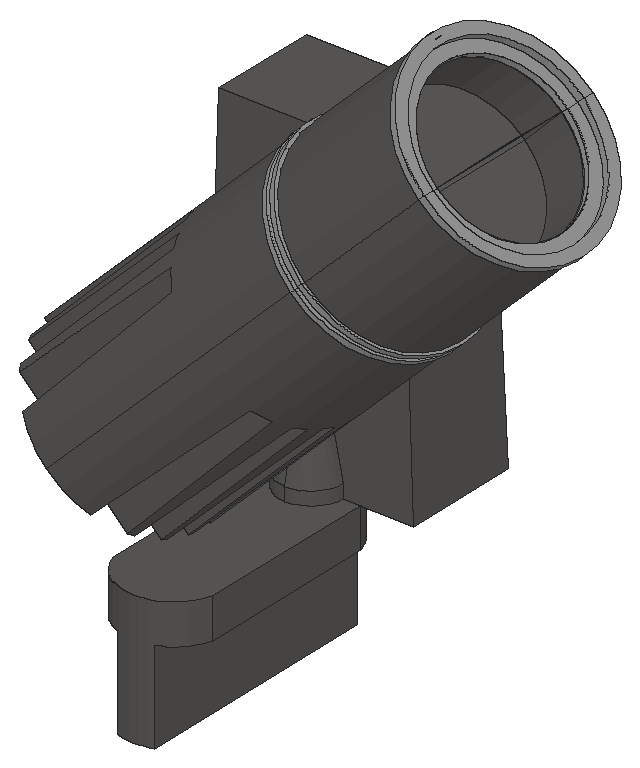
Revit family "2055959", category Lighting Fixtures, host Face, Revit 2016
Family settings
  Host = Face
  Part Type = Normal
  Round Connector Dimension = Use Diameter
  OmniClass Number = 23.80.70.00
  OmniClass Title = Lighting
  Cut with Voids When Loaded = No
  Light Source = No
  Shared = No
  Room Calculation Point = No
Parameters (values of type "2055959 BCON PRJ FRAM O/B L3 4K BLK")
  Weight = "1.365 kg"
  Wattage Comments = ""
  WarrantyStartDate [instance] = "n/a"
  WarrantyGuarantorParts = "n/a"
  WarrantyDurationUnit = "n/a"
  WarrantyDurationParts = "n/a"
  WarrantyDescription = "n/a"
  Voltage = 230 V
  URL = "http://www.sylvania-lighting.com"
  TypeName = "BCON PRJ FRAM O/B L3 4K BLK"
  TypeHead_SYL = Beacon LED Projector Framing Head : 2055959 BCON PRJ FRAM O/B L3 4K BLK
  Type Image = <None>
  Type Comments = "n/a"
  Track_SYL = yes
  Surface_SYL = not(Track_SYL)  # no
  SerialNumber [instance] = "n/a"
  Material_3_SYL = none
  PowerFactor = 0.95
  PowerConsumption = "35 W"
  NominalLength = 0 mm
  NominalHeight = 215 mm
  NominalDepth = 185 mm
  Name = "BCON PRJ FRAM O/B L3 4K BLK"
  ModelReference = Name  # "BCON PRJ FRAM O/B L3 4K BLK"
  ModelNumber = "2055959"
  Model = Name  # "BCON PRJ FRAM O/B L3 4K BLK"
  Material = "aluminium housing"
  ManufacturerName = "Feilo Sylvania"
  Manufacturer = "Feilo Sylvania"
  LuminousEfficacy = "14 lm/W"
  LuminaireType = ""
  LightOutputRatio = "100"
  LampsType = Lamp  # "LED"
  LampNominalLuminous = "474 lm"
  LampMacAdamStep = "3"
  LampColourTemperature = "4000 K"
  LampColourRenderingIndex = "97"
  Lamp = "LED"
  Keynote = "16500"
  InstallationDate [instance] = "n/a"
  InputVoltage = "AC 230 V"
  InputNominalFrequency = "50/60 Hz"
  IngressProtection = "IP20"
  ImpactProtectionIndex = "IK02"
  IfcExportType = "IfcLightFixtureType"
  IfcExportAs = "IfcLightFixtureType"
  HorizontalRotation_SYL [instance] = 0.00°
  EndAngle_SYL [instance] = HorizontalRotation_SYL + 180.00°  # 180.00°
  ElectricShockClassification = "Class II"
  DocumentationLiterature = "http://www.sylvania-lighting.com/product/en-int/products/2055959"
  DimmingControlOptions = "n/a"
  Material_2_SYL = Body-Sylvania-Black
  Description = "Beacon Projector offers precision light exactly where it is needed. The Framing Projector has four adjustable arms allowing the beam to be framed to the desired size shape (square/rectangle or irregular 4 sided shapes).High colour rendering CRI 97 typical. IR/UV free light source without heat radiation. LED technology provides an energy efficient solution with reduced maintenance costs."
  Default Elevation = 1219.2 mm
  CreatedOn = "3/14/2019"
  CreatedBy = "@sylvania-lighting.com"
  Cost = 0
  built-in parameter 1114216 [instance] = (empty or 0)
  ClassificationValue = "EF_70_80"
  ClassificationName = "Uniclass2015"
  Material_1_SYL = Body-Sylvania-Black
  BarCode [instance] = "n/a"
  AssetType = "Fixed"
  AssetIdentifier [instance] = "n/a"
  Assembly Code = "D5020200"
  Apparent Load = 35 VA
  Material_4_SYL = none
Reference planes
  plane 1 "Center (Front/Back)": y = 0
  plane 2: z = 0
  plane 3 "Center (Left/Right)": x = 0
  plane 4: x = 7
  plane 5: x = -7
  plane 6: z = -34.5
  plane 7: z = 15
  plane 8: x = 18.5
  plane 9: x = -18.5
  plane 10: y = 48.5
  plane 11: y = -48.5
  plane 12: y = 34.5
  plane 13: y = -34.5
  plane 14: y = 77
  plane 15: y = -8
  plane 16: x = 42.5
  plane 17: x = -42.5
Forms (mm)
  Extrusion 1, solid, material "Body-Sylvania-Black" <- "Material_1_SYL", visible <- "Track_SYL"
    sketch origin (0, 0, 0) x (1, 0, 0) y (0, 0, 1)
      loop
        line (-18.5, 15) -> (-18.5, 0) -> (-7, 0) -> (-7, -34.5) -> (7, -34.5) -> (7, 0) -> (18.5, 0) -> (18.5, 15) -> (-18.5, 15)
    from -48.5 to 48.5
  Extrusion 2, void
    sketch origin (0, 0, 0) x (1, 0, 0) y (0, 1, 0)
      loop
        arc (-18.5, 34.5) -> (0, 48.5) -> (18.5, 34.5) r 19.223
        line (18.5, 34.5) -> (21.5, 34.5) -> (21.5, 54.5) -> (-23.5, 54.5) -> (-23.5, 34.5) -> (-18.5, 34.5)
      loop
        line (-18.5, -34.5) -> (-23.5, -34.5) -> (-23.5, -54.5) -> (21.5, -54.5) -> (21.5, -34.5) -> (18.5, -34.5)
        arc (18.5, -34.5) -> (0, -48.5) -> (-18.5, -34.5) r 19.223
    from -34.5 to 15
  Revolve 3, solid, not visible
    sketch origin (0, 0, 0) x (0, 1, 0) y (0, 0, 1)
      loop
        line (34.5, 15) -> (48.5, 15) -> (48.5, 39.844) -> (34.5, 39.844) -> (34.5, 15)
      axis (34.5, 15) -> (34.5, 39.844)
    angle from 0 <- "HorizontalRotation_SYL" to 180 <- "EndAngle_SYL"
  Extrusion 4, solid, material "Body-Sylvania-Black" <- "Material_1_SYL", visible <- "Surface_SYL"
    sketch origin (0, 0, 0) x (1, 0, 0) y (0, 1, 0)
      loop
        arc (39.5, -8) -> (41.621, -7.121) -> (42.5, -5) r 3
        line (42.5, -5) -> (42.5, 74)
        arc (42.5, 74) -> (41.621, 76.121) -> (39.5, 77) r 3
        line (39.5, 77) -> (-39.5, 77)
        arc (-39.5, 77) -> (-41.621, 76.121) -> (-42.5, 74) r 3
        line (-42.5, 74) -> (-42.5, -5)
        arc (-42.5, -5) -> (-41.621, -7.121) -> (-39.5, -8) r 3
        line (-39.5, -8) -> (39.5, -8)
    from 0 to 15
Cuts and joins
  Extrusion 2 cuts Extrusion 1
Dimensions and locks
  plane 8 to plane 4 to plane 3 "Center (Left/Right)" to plane 5 to plane 9 = 11.5 mm locked, 7 mm locked, 7 mm locked, 11.5 mm locked
  plane 7 to level to plane 6 = 15 mm locked, 34.5 mm locked
  plane 11 to plane 1 "Center (Front/Back)" to plane 10 = 48.5 mm locked, 48.5 mm locked
  plane 13 to plane 1 "Center (Front/Back)" to plane 12 = 34.5 mm locked, 34.5 mm locked
  plane 15 to plane 12 to plane 14 = 42.5 mm locked, 42.5 mm locked
  plane 16 to plane 3 "Center (Left/Right)" to plane 17 = 42.5 mm locked, 42.5 mm locked
  aligned and locked: plane 2 to host face
  aligned and locked: level to host face
  aligned and locked: plane 7 to Extrusion 1 sketch curve
  aligned and locked: level to Extrusion 1 sketch curve
  aligned and locked: Extrusion 1 sketch curve to plane 8
  aligned and locked: Extrusion 1 sketch curve to plane 6
  aligned and locked: Extrusion 1 sketch curve to plane 4
  aligned and locked: plane 5 to Extrusion 1 sketch curve
  aligned and locked: Extrusion 1 sketch curve to level
  aligned and locked: Extrusion 1 to plane 10
  aligned and locked: plane 11 to Extrusion 1
  aligned and locked: plane 12 to Extrusion 2 sketch curve  (x2)
  aligned and locked: plane 8 to Extrusion 2 sketch curve
  aligned and locked: plane 9 to Extrusion 2 sketch curve
  aligned and locked: plane 13 to Extrusion 2 sketch curve  (x3)
  aligned and locked: Extrusion 2 sketch curve to Extrusion 2 sketch curve  (x2)
  aligned and locked: plane 6 to Extrusion 2
  aligned and locked: Extrusion 2 to plane 7
  aligned and locked: Revolve 3 sketch curve to plane 12
  aligned and locked: Revolve 3 sketch curve to cut or joined group of Extrusion 1, Extrusion 2  (x2)
  aligned and locked: Revolve 3 sketch curve to plane 10
  aligned and locked: Extrusion 4 sketch curve to plane 15
  aligned and locked: Extrusion 4 sketch curve to plane 16
  aligned and locked: plane 14 to Extrusion 4 sketch curve
  aligned and locked: plane 17 to Extrusion 4 sketch curve
  aligned and locked: Extrusion 4 to plane 7
  aligned and locked: Extrusion 4 to level
  aligned and locked: nested 2 to plane 12
Nested families
  nested 1: "Beacon LED Projector Framing Gearbox" at (0, 34.5, 15) x (0, 1, 0) z (1, 0, 0), type "Type Name"
    with VerticalRotation_SYL -45.00°, EndAngle_SYL 135.00°
  nested 2: "Beacon LED Projector Framing Head" at (0, -10.5, 78) x (0, 1, 0) z (0.7071, 0, 0.7071), type <- "TypeHead_SYL", type "2055959 BCON PRJ FRAM O/B L3 4K BLK"
    with built-in parameter 1114216 (empty or 0)
Connectors
  electrical at (0, 34.5, 0), driven by "Voltage", driven by "Apparent Load", driven by "PowerFactor"
    settings: on Extrusion 4, index 1, voltage 230 V, apparent load 35 VA, apparent load phase1 0 VA, apparent load phase2 0 VA, apparent load phase3 0 VA, power factor 0.95, load classification "Other", number of poles 1, system type 30, power factor state 1, is connector primary yes, connector utility no, sub classification motor no, connector description ""
Definition of nested family "Beacon LED Projector Framing Gearbox"
  Parameters (values of type "Type Name")
    VerticalRotation_SYL [instance] = 0.00°
    URL = "http://www.sylvania-lighting.com"
    Type Image = (empty or 0)
    Type Comments = "n/a"
    Material_3_SYL = none
    Model = ""
    Manufacturer = "Feilo Sylvania"
    Keynote = ""
    Material_2_SYL = none
    EndAngle_SYL [instance] = VerticalRotation_SYL + 180.00°  # 180.00°
    Description = ""
    Default Elevation = 1219.2 mm
    Cost = 0
    Material_1_SYL = none
    Assembly Code = ""
    Material_4_SYL = none
  Reference planes
    plane 1 "Center (Front/Back)": y = 0
    plane 2: z = 0
    plane 3 "Center (Left/Right)": x = 0
    plane 4: y = 5
    plane 5: y = 63
    plane 6: y = 47
    plane 7: y = 121
    plane 8: x = -3
    plane 9: x = -12
    plane 10: x = 41
    plane 11: x = 44
    plane 12: z = 38.5
    plane 13: z = -38.5
    plane 14: z = 34.5
    plane 15: z = -34.5
  Forms (mm)
    Extrusion 1, solid
      sketch origin (4.2, 0, 0) x (1, 0, 0) y (0, 1, 0)
        loop
          line (-1219.2, 1219.2) -> (-1219.2, -1219.2) -> (1219.2, -1219.2) -> (1219.2, 1219.2) -> (-1219.2, 1219.2)
      from 0 to -68.017
    Revolve 2, solid, material <- "Material_1_SYL"
      sketch origin (0, 0, 0) x (1, 0, 0) y (0, 1, 0)
        loop
          line (0, 0) -> (0, 47) -> (-3, 47) -> (-12, 5) -> (-12, 0) -> (0, 0)
        axis (0, 47) -> (0, 0)
      angle from 360 to 0
    Blend 3, solid, material <- "Material_1_SYL"
      base sketch origin (0, 0, 0) x (1, 0, 0) y (0, 0, 1)
        loop
          line (0, -38.5) -> (44, -38.5) -> (44, 38.5) -> (0, 38.5) -> (0, -38.5)
      top sketch origin (0, 0, 0) x (1, 0, 0) y (0, 0, 1)
        loop
          line (0, 34.5) -> (0, -34.5) -> (41, -34.5) -> (41, 34.5) -> (0, 34.5)
      from 0 to -121
    Revolve 4, solid, not visible
      sketch origin (0, 0, 0) x (1, 0, 0) y (0, 1, 0)
        loop
          line (0, 63) -> (-12, 63) -> (-12, 47) -> (0, 47) -> (0, 63)
        axis (0, 63) -> (-12, 63)
      angle from 0 <- "VerticalRotation_SYL" to 180 <- "EndAngle_SYL"
  Cuts and joins
    joined: Revolve 2, Blend 3
  Dimensions and locks
    plane 3 "Center (Left/Right)" to plane 10 to plane 11 = 41 mm locked, 3 mm locked
    plane 9 to plane 8 to plane 3 "Center (Left/Right)" = 9 mm locked, 3 mm locked
    plane 1 "Center (Front/Back)" to plane 4 to plane 6 to plane 5 to plane 7 = 5 mm locked, 42 mm locked, 16 mm locked, 58 mm locked
    plane 14 to level to plane 15 = 34.5 mm locked, 34.5 mm locked
    locked: plane 12 to plane 14 at 4
    locked: plane 15 to plane 13 at 4
    aligned and locked: plane 2 to Extrusion 1
    aligned and locked: level to Extrusion 1
    aligned and locked: Revolve 2 sketch curve to plane 3 "Center (Left/Right)"  (x2)
    aligned and locked: Revolve 2 sketch curve to Revolve 2 sketch curve
    aligned and locked: Revolve 2 sketch curve to plane 1 "Center (Front/Back)"
    aligned and locked: plane 4 to Revolve 2 sketch curve
    aligned and locked: plane 9 to Revolve 2 sketch curve
    aligned and locked: plane 6 to Revolve 2 sketch curve  (x2)
    aligned and locked: plane 3 "Center (Left/Right)" to Revolve 2 sketch curve
    aligned and locked: plane 13 to Blend 3 sketch curve
    aligned and locked: Blend 3 sketch curve to plane 3 "Center (Left/Right)"
    aligned and locked: Blend 3 sketch curve to plane 12
    aligned and locked: plane 11 to Blend 3 sketch curve
    aligned and locked: plane 14 to Blend 3 sketch curve
    aligned and locked: Blend 3 sketch curve to plane 15
    aligned and locked: Blend 3 sketch curve to plane 10
    aligned and locked: Blend 3 to plane 7
    aligned and locked: plane 1 "Center (Front/Back)" to Blend 3
    aligned and locked: Revolve 4 sketch curve to plane 5
    aligned and locked: Revolve 4 sketch curve to Revolve 4 sketch curve
    aligned and locked: plane 3 "Center (Left/Right)" to Revolve 4 sketch curve
    aligned and locked: plane 6 to Revolve 4 sketch curve
    aligned and locked: Revolve 4 sketch curve to plane 9
Definition of nested family "Beacon LED Projector Framing Head"
  Parameters (values of type "2055967 BCON PRJ FRAM DALI L3 4K BLK")
    Wattage Comments = "n/a"
    Wattage = 35 W
    built-in parameter 1150110 = 1 (stored number, unit not read)
    URL = "http://www.sylvania-lighting.com"
    Type Image = (empty or 0)
    Type Comments = "n/a"
    built-in parameter 1114217 = 1 (stored number, unit not read)
    Tilt Angle = -90.00°
    built-in parameter 1150109 = 1 (stored number, unit not read)
    built-in parameter 1150134 = 12
    built-in parameter 1150113 = 1 (stored number, unit not read)
    Photometric Web File = "spot_ideal.ies"
    Material_3_SYL = none
    Model = "BCON PRJ FRAM DALI L3 4K BLK"
    Manufacturer = "Feilo Sylvania"
    built-in parameter 1150105 = 49 (stored number, unit not read)
    Lumens = 490 lm
    built-in parameter 1150115 = 1 (stored number, unit not read)
    built-in parameter 1150137 = (empty or 0)
    built-in parameter 1150139 = (empty or 0)
    built-in parameter 1150112 = 1 (stored number, unit not read)
    built-in parameter 1150114 = 1 (stored number, unit not read)
    Lamp = "LED"
    Keynote = "16500"
    Material_2_SYL = none
    built-in parameter 1150132 = (empty or 0)
    built-in parameter 1150102 = (empty or 0)
    built-in parameter 1150107 = 4000 (stored number, unit not read)
    built-in parameter 1150138 = (empty or 0)
    built-in parameter 1150106 = 0.49 (stored number, unit not read)
    Emit from Circle Diameter = 61 mm
    Emit Shape Visible in Rendering = no
    built-in parameter 1150104 = 1.3006 (stored number, unit not read)
    Dimming Lamp Color Temperature Shift = (empty or 0)
    Description = "Beacon Projector offers precision light exactly where it is needed. The Framing Projector has four adjustable arms allowing the beam to be framed to the desired size shape (square/rectangle or irregular 4 sided shapes).High colour rendering CRI 97 typical. IR/UV free light source without heat radiation. LED technology provides an energy efficient solution with reduced maintenance costs."
    Default Elevation = 1219.2 mm
    Cost = 0
    Color Filter = 16777215
    built-in parameter 1114216 [instance] = (empty or 0)
    Material_1_SYL = none
    built-in parameter 1114218 = 1 (stored number, unit not read)
    built-in parameter 1150133 = 10 (stored number, unit not read)
    Assembly Code = "D5020200"
    Apparent Load = 35 VA
    Material_4_SYL = none
  Types (12, lengths in mm): name | built-in parameter 1150134 | Model | built-in parameter 1150107
    2055967 BCON PRJ FRAM DALI L3 4K BLK | 12 | "BCON PRJ FRAM DALI L3 4K BLK" | 4000 (stored number, unit not read)
    2055966 BCON PRJ FRAM DALI L3 4K WH | 12 | "BCON PRJ FRAM DALI L3 4K WH" | 4000 (stored number, unit not read)
    2055965 BCON PRJ FRAM DALI L3 3K BLK | (empty or 0) | "BCON PRJ FRAM DALI L3 3K BLK" | 3000 (stored number, unit not read)
    2055964 BCON PRJ FRAM DALI L3 3K WH | (empty or 0) | "BCON PRJ FRAM DALI L3 3K WH" | 3000 (stored number, unit not read)
    2055963 BCON PRJ FRAM O/B SM 4K BLK | 12 | "BCON PRJ FRAM O/B SM 4K BLK" | 4000 (stored number, unit not read)
    2055962 BCON PRJ FRAM O/B SM 4K WH | 12 | "BCON PRJ FRAM O/B SM 4K WH" | 4000 (stored number, unit not read)
    2055961 BCON PRJ FRAM O/B SM 3K BLK | (empty or 0) | "BCON PRJ FRAM O/B SM 3K BLK" | 3000 (stored number, unit not read)
    2055960 BCON PRJ FRAM O/B SM 3K WH | (empty or 0) | "BCON PRJ FRAM O/B SM 3K WH" | 3000 (stored number, unit not read)
    2055959 BCON PRJ FRAM O/B L3 4K BLK | 12 | "BCON PRJ FRAM O/B L3 4K BLK" | 4000 (stored number, unit not read)
    2055958 BCON PRJ FRAM O/B L3 4K WH | 12 | "BCON PRJ FRAM O/B L3 4K WH" | 4000 (stored number, unit not read)
    2055957 BCON PRJ FRAM O/B L3 3K BLK | (empty or 0) | "BCON PRJ FRAM O/B L3 3K BLK" | 3000 (stored number, unit not read)
    2055956 BCON PRJ FRAM O/B L3 3K WH | (empty or 0) | "BCON PRJ FRAM O/B L3 3K WH" | 3000 (stored number, unit not read)
  Reference planes
    plane 1 "Center (Front/Back)": y = 0
    plane 2: z = 0
    plane 3 "Center (Left/Right)": x = 0
    plane 4: x = 39.5
    plane 5: x = -39.5
    plane 6: z = -45
    plane 7: z = 155
    plane 8: z = 152.4
    plane 9: x = -38.5
    plane 10: z = 91
    plane 11: z = 84.75
    plane 12: z = 35
    plane 13: x = -35.25
    plane 14: z = 151.937
    plane 15: x = -30.5
    plane 16: z = 149.187
    plane 17: z = 88.75
    plane 18: z = 87
    plane 19: x = -37.5
    plane 20: z = 129.187
    plane 21: x = -2.5
    plane 22: x = 2.5
    plane 23: x = -4
    plane 24: x = 4
    plane 25: z = 15
    plane 26: z = -15
    plane 27: x = 45
    plane 28: x = 14.75
  Forms (mm)
    Extrusion 1, solid
      sketch origin (4.2, 0, 0) x (1, 0, 0) y (0, 1, 0)
        loop
          line (-1219.2, 1219.2) -> (-1219.2, -1219.2) -> (1219.2, -1219.2) -> (1219.2, 1219.2) -> (-1219.2, 1219.2)
      from 0 to -68.017
    Revolve 2, solid, material <- "Material_2_SYL"
      sketch origin (0, 0, 0) x (1, 0, 0) y (0, 0, 1)
        loop
          line (-30.5, 149.188) -> (-30.5, 151.938) -> (-35.25, 151.938) -> (-35.25, 155) -> (-39.5, 155) -> (-39.5, 152.4) -> (-37.5, 152.4) -> (-37.5, 149.188) -> (-30.5, 149.188)
        axis (0, 155) -> (0, 149.188)
      angle from 360 to 0
    Revolve 3, solid, material <- "Material_3_SYL"
      sketch origin (0, 0, 0) x (1, 0, 0) y (0, 0, 1)
        loop
          arc (0, 156.729) -> (-15.437, 155.524) -> (-30.5, 151.938) r 99.476
          line (-30.5, 151.938) -> (-30.5, 149.188) -> (0, 149.188) -> (0, 156.729)
        axis (0, 156.729) -> (0, 149.188)
      angle from 360 to 0
    Revolve 4, solid, material <- "Material_1_SYL"
      sketch origin (0, 0, 0) x (1, 0, 0) y (0, 0, 1)
        loop
          line (-38.5, 152.4) -> (-38.5, 91) -> (-35.25, 91) -> (-35.25, 84.75) -> (-38.5, 84.75) -> (-38.5, -45) -> (0, -45) -> (0, 129.187) -> (-30.5, 129.187) -> (-30.5, 149.188) -> (-37.5, 149.188) -> (-37.5, 152.4) -> (-38.5, 152.4)
        axis (0, 152.4) -> (0, -45)
      angle from 360 to 0
    Revolve 5, solid, material <- "Material_2_SYL"
      sketch origin (0, 0, 0) x (1, 0, 0) y (0, 0, 1)
        loop
          line (-39.5, 91) -> (-39.5, 88.75) -> (-37.5, 88.75) -> (-37.5, 87) -> (-39.5, 87) -> (-39.5, 84.75) -> (-35.25, 84.75) -> (-35.25, 91) -> (-39.5, 91)
        axis (0, 91) -> (0, 84.75)
      angle from 360 to 0
    Extrusion 6, void
      sketch origin (20, 0, 0) x (-1, 0, 0) y (0, 0, 1)
        loop
          line (17.5, 35) -> (16, -45) -> (24, -45) -> (22.5, 35) -> (17.5, 35)
      from -40 to 40
    Extrusion 7, void
      sketch origin (20, 0, 0) x (-1, 0, 0) y (0, 0, 1)
        loop
          line (27.5, 35) -> (26, -45) -> (34, -45) -> (32.5, 35) -> (27.5, 35)
      from -40 to 40
    Extrusion 8, void
      sketch origin (-20, 0, 0) x (1, 0, 0) y (0, 0, 1)
        loop
          line (2.5, 35) -> (-2.5, 35) -> (-4, -45) -> (4, -45) -> (2.5, 35)
      from -40 to 40
    Extrusion 9, void
      sketch origin (20, 0, 0) x (-1, 0, 0) y (0, 0, 1)
        loop
          line (47.5, 35) -> (46, -45) -> (54, -45) -> (52.5, 35) -> (47.5, 35)
      from -40 to 40
    Extrusion 10, void
      sketch origin (30, 0, 0) x (-1, 0, 0) y (0, 0, 1)
        loop
          line (2.5, 35) -> (-2.5, 35) -> (-4, -45) -> (4, -45) -> (2.5, 35)
      from -40 to 40
    Extrusion 11, void
      sketch origin (10, 0, 0) x (-1, 0, 0) y (0, 0, 1)
        loop
          line (2.5, 35) -> (-2.5, 35) -> (-4, -45) -> (4, -45) -> (2.5, 35)
      from -40 to 40
    Extrusion 12, void
      sketch origin (20, 0, 0) x (-1, 0, 0) y (0, 0, 1)
        loop
          line (2.5, 35) -> (-2.5, 35) -> (-4, -45) -> (4, -45) -> (2.5, 35)
      from -40 to 40
    Revolve 13, solid, material <- "Material_1_SYL"
      sketch origin (0, 0, 0) x (1, 0, 0) y (0, 0, 1)
        loop
          line (45, 15) -> (14.75, 15) -> (14.75, 0) -> (45, 0) -> (45, 15)
        axis (14.75, 0) -> (45, 0)
      angle from 360 to 0
  Cuts and joins
    Extrusion 6, Extrusion 7, Extrusion 8, Extrusion 9, Extrusion 10, Extrusion 11, Extrusion 12 cuts Revolve 4
    joined: Revolve 4, Revolve 13
  Lines and regions (mm)
    reference lines
      curve 1: line (-2.5, 0, 35) -> (-4, 0, -45)
      curve 2: line (4, 0, -45) -> (2.5, 0, 35)
  Dimensions and locks
    plane 7 to level to plane 6 = 155 mm locked, 45 mm locked
    equal spacing: plane 4, plane 3 "Center (Left/Right)", plane 5
    locked: plane 4 to plane 5 at 79
    locked: plane 7 to plane 10 at 64
    plane 10 to plane 11 = 6.25 mm
    locked: plane 7 to plane 12 at 120
    plane 3 "Center (Left/Right)" to plane 15 to plane 13 to plane 9 to plane 5 = 30.5 mm, 4.75 mm, 3.25 mm, 1 mm
    plane 7 to plane 8 to plane 14 to plane 16 = 2.6 mm locked, 0.463 mm locked, 2.75 mm locked
    locked: plane 3 "Center (Left/Right)" to plane 19 at 37.5
    locked: plane 16 to plane 20 at 20
    plane 10 to plane 17 to plane 18 = 2.25 mm locked, 1.75 mm locked
    plane 22 to plane 3 "Center (Left/Right)" to plane 21 = 2.5 mm locked, 2.5 mm locked
    plane 24 to plane 3 "Center (Left/Right)" to plane 23 = 4 mm locked, 4 mm locked
    equal spacing: group 4, group 3, group 2, group 1
    equal spacing: group 1, group 2, group 3, group 4  (x2)
    plane 25 to level to plane 26 = 15 mm locked, 15 mm locked
    locked: plane 27 to plane 3 "Center (Left/Right)" at 45
    locked: plane 28 to plane 3 "Center (Left/Right)" at 14.75
    aligned and locked: plane 2 to Extrusion 1
    aligned and locked: level to Extrusion 1
    aligned and locked: Revolve 2 sketch curve to plane 3 "Center (Left/Right)"
    aligned and locked: plane 16 to Revolve 2 sketch curve  (x2)
    aligned and locked: plane 15 to Revolve 2 sketch curve
    aligned and locked: plane 13 to Revolve 2 sketch curve
    aligned and locked: Revolve 2 sketch curve to plane 14
    aligned and locked: Revolve 2 sketch curve to plane 7
    aligned and locked: Revolve 2 sketch curve to plane 5
    aligned and locked: plane 8 to Revolve 2 sketch curve
    aligned and locked: Revolve 3 sketch curve to plane 3 "Center (Left/Right)"
    aligned and locked: Revolve 3 sketch curve to Revolve 2
    aligned and locked: Revolve 2 to Revolve 3 sketch curve
    aligned and locked: plane 3 "Center (Left/Right)" to Revolve 3 sketch curve
    aligned and locked: Revolve 4 sketch curve to plane 3 "Center (Left/Right)"
    aligned and locked: plane 10 to Revolve 4 sketch curve
    aligned and locked: Revolve 4 sketch curve to plane 13
    aligned and locked: Revolve 4 sketch curve to plane 11
    aligned and locked: Revolve 4 sketch curve to plane 9  (x2)
    aligned and locked: plane 6 to Revolve 4 sketch curve
    aligned and locked: plane 3 "Center (Left/Right)" to Revolve 4 sketch curve
    aligned and locked: plane 15 to Revolve 4 sketch curve
    aligned and locked: Revolve 4 sketch curve to plane 8
    aligned and locked: Revolve 2 sketch curve to plane 19
    aligned and locked: plane 19 to Revolve 4 sketch curve
    aligned and locked: Revolve 4 sketch curve to plane 20
    aligned and locked: Revolve 5 sketch curve to plane 3 "Center (Left/Right)"
    aligned and locked: plane 10 to Revolve 5 sketch curve
    aligned and locked: Revolve 5 sketch curve to plane 5  (x2)
    aligned and locked: plane 17 to Revolve 5 sketch curve
    aligned and locked: plane 18 to Revolve 5 sketch curve
    aligned and locked: Revolve 5 sketch curve to plane 19
    aligned and locked: plane 11 to Revolve 5 sketch curve
    aligned and locked: Revolve 5 sketch curve to Revolve 4  (x2)
    aligned and locked: plane 21 to curve 1
    aligned and locked: plane 23 to curve 1
    aligned and locked: plane 24 to curve 2
    aligned and locked: plane 22 to curve 2
    aligned and locked: Revolve 13 sketch curve to plane 25
    aligned and locked: plane 27 to Revolve 13 sketch curve
    aligned and locked: Revolve 13 sketch curve to level  (x2)
    aligned and locked: Revolve 13 sketch curve to plane 28
    aligned and locked: plane 3 "Center (Left/Right)" to imposter light
    aligned and locked: imposter light to plane 7
    aligned and locked: imposter light to plane 1 "Center (Front/Back)"
  Automatic sketch dimensions
    Extrusion 1 sketch curve to Extrusion 1 sketch curve = 2438.4 mm  (x2)
    plane 6 to Revolve 2 sketch curve = 564.6 mm
    Revolve 2 sketch curve to plane 7 = 2454.058 mm
    Revolve 3 sketch curve to plane 14 = 0 mm
    Revolve 3 sketch curve to plane 12 = 22.253 mm
    plane 6 to Revolve 3 sketch curve = 564.6 mm
    Revolve 3 sketch curve to Revolve 3 sketch curve = 2452.329 mm
    Revolve 4 sketch curve to plane 16 = 0 mm
    plane 6 to Revolve 4 sketch curve = 564.6 mm
    Revolve 4 sketch curve to plane 7 = 2454.058 mm
    plane 6 to Revolve 5 sketch curve = 564.6 mm
    Revolve 5 sketch curve to plane 7 = 2454.058 mm
    curve 2 to plane 12 = 0 mm
    curve 2 to plane 6 = 0 mm
    curve 1 to plane 6 = 0 mm
    curve 1 to plane 12 = 0 mm
    Extrusion 6 sketch curve to Extrusion 6 sketch curve = 1.5 mm
    Extrusion 6 sketch curve to Extrusion 6 sketch curve = 5 mm
    Extrusion 6 sketch curve to Extrusion 6 sketch curve = 8 mm
    Extrusion 6 sketch curve to Extrusion 6 sketch curve = 80 mm
    Extrusion 7 sketch curve to Extrusion 7 sketch curve = 1.5 mm
    Extrusion 7 sketch curve to Extrusion 7 sketch curve = 5 mm
    Extrusion 7 sketch curve to Extrusion 7 sketch curve = 8 mm
    Extrusion 7 sketch curve to Extrusion 7 sketch curve = 80 mm
    Extrusion 8 sketch curve to Extrusion 8 sketch curve = 1.5 mm
    Extrusion 8 sketch curve to Extrusion 8 sketch curve = 5 mm
    Extrusion 8 sketch curve to Extrusion 8 sketch curve = 8 mm
    Extrusion 8 sketch curve to Extrusion 8 sketch curve = 80 mm
    Extrusion 9 sketch curve to Extrusion 9 sketch curve = 1.5 mm
    Extrusion 9 sketch curve to Extrusion 9 sketch curve = 5 mm
    Extrusion 9 sketch curve to Extrusion 9 sketch curve = 8 mm
    Extrusion 9 sketch curve to Extrusion 9 sketch curve = 80 mm
    Extrusion 10 sketch curve to Extrusion 10 sketch curve = 1.5 mm
    Extrusion 10 sketch curve to Extrusion 10 sketch curve = 5 mm
    Extrusion 10 sketch curve to Extrusion 10 sketch curve = 8 mm
    Extrusion 10 sketch curve to Extrusion 10 sketch curve = 80 mm
    Extrusion 11 sketch curve to Extrusion 11 sketch curve = 1.5 mm
    Extrusion 11 sketch curve to Extrusion 11 sketch curve = 5 mm
    Extrusion 11 sketch curve to Extrusion 11 sketch curve = 8 mm
    Extrusion 11 sketch curve to Extrusion 11 sketch curve = 80 mm
    Extrusion 12 sketch curve to Extrusion 12 sketch curve = 1.5 mm
    Extrusion 12 sketch curve to Extrusion 12 sketch curve = 5 mm
    Extrusion 12 sketch curve to Extrusion 12 sketch curve = 8 mm
    Extrusion 12 sketch curve to Extrusion 12 sketch curve = 80 mm
    Revolve 13 sketch curve to plane 5 = 1495.135 mm
    plane 27 to Revolve 13 sketch curve = 1614.773 mm
